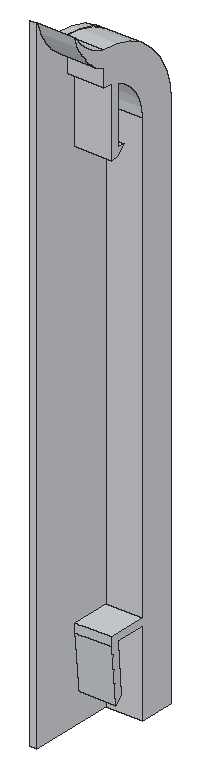
Revit family "HansWeitzel_2013", category Allgemeines Modell, Revit 2017
Family settings
  Basisbauteil = Wand
  Kann Basisbauteil für Bewehrung sein = Nein
  Bemaßung runder Anschluss = Durchmesser verwenden
  Teiletyp = Normal
  Immer vertikal = Ja
  Beim Laden mit Abzugskörper schneiden = Nein
  Gemeinsam genutzt = Nein
  Raumberechnungspunkt = Nein
Parameters
  max. Betriebstemperatur (°C) = 90
  Werkstoff = "Polystyrol"
  Wandmontage möglich = yes
  Typname = "HZ-Stoßverbinder BLF Ahorn"
  Tiefe (mm) = 30
  Profilart = "Anschlussprofi"
  Menge pro Verpackungseinheit = 10
  Ist Zubehör = no
  Ist System = no
  Höhe [mm] = 93
  Hersteller = "Hans Weitzel GmbH & Co. KG"
  HeinzeBIM = "https://www.heinze.de/bim/hz-stossverbinder-blf-ahorn/de2c1f6048a5017b6fa98aaafebb673dc0a6fc29"
  HAN = "2013"
  Gewicht unverpackt (netto) [kg] = 0.008
  GTIN = "4022023212716"
  Farbton = "Holzart/Holzdekor"
  Dekor = "Ahorn"
  Breite [mm] = 40
  Beschreibung = "HZ-Stoßverbinder BLF Ahorn Formteil an Sollbruchstelle einkürzen"
  BIMSITE_PRODUCT_ID = "de2c1f6048a5017b6fa98aaafebb673dc0a6fc29"
  BIM = "https://media.live.bim.site/t/eyJhbGciOiJIUzI1NiIsInR5cCI6IkpXVCJ9.eyJjdCI6MSwidGYiOiJwdWJsaWMvaGFucy13ZWl0emVsLWdtYmgtY28ta2cvMjI1MGEyZS9IWl9CTEZfU3Rvc3N2ZXJiaW5kZXJfQmxpbmRsLnJmYSIsImNpZCI6ImZlZDk4ZTlhLTFiZDgtNGM2OC1hNzNiLTc0YTk0ZTMxNTgyMyIsInJpZCI6IjAzYmI0OTU1OTVhZDRiYjY1OGE4ZjNhMTJlMDk0NmY0IiwicGlkIjoiZGUyYzFmNjA0OGE1MDE3YjZmYTk4YWFhZmViYjY3M2RjMGE2ZmMyOSIsInNpZCI6IjYzNTU4IiwidXQiOjUsImxjIjoiZGUiLCJpYXQiOjE1ODAyMDE3MTYsImlzcyI6Imh0dHBzOi8vYXBpLmxpdmUuYmltLnNpdGUiLCJzdWIiOiJmNTg2YzRiNi1hNTA4LTQyN2EtOTgxOC0xMzE3OTY2NTc2YmMifQ.JDSHmrugtIq38_1GZ8MGazqfXo1fOJfyUmOzUEOdAbQ/HZ_BLF_Stossverbinder_Blindl.rfa"
Reference planes
  plane 1: y = 0
  plane 2 "Center (Left/Right)": x = 0
  plane 3 "Wall Edge": y = 76.2
Text (mm)
  text "Placement Side" at (0, 1019.848, 3124.603), in view "Right"
  text "Placement Side" at (-1787.662, 723.012, 0), in view "Ref. Level"
  text "Placement Side" at (0, 2073.289, 3571.227), in view "Left"
Dimensions and locks
  locked: plane 3 "Wall Edge" to host wall
  aligned and locked: plane 3 "Wall Edge" to nested 1
Nested families
  nested 1: "HZ_BLF_Stossverbinder_Blindl" at (1, 76.2, 0), type "HZ_BLF_Stossverbinder_Blindl"
Definition of nested family "HZ_BLF_Stossverbinder_Blindl"
  Reference planes
    plane 1 "Center (Front/Back)": y = 0
    plane 2: z = 0
    plane 3 "Center (Left/Right)": x = 0
  Forms (mm)
    Extrusion 1, solid
      sketch origin (0, 0, 0) x (0, 1, 0) y (0, 0, 1)
        loop
          arc (16, 72) -> (12.727, 79.83) -> (4.854, 82.999) r 11
          arc (4.854, 82.999) -> (2.091, 84.316) -> (0, 86.553) r 8.222
          arc (0, 86.553) -> (1.757, 83.087) -> (4.851, 80.736) r 8.67
          line (4.851, 80.736) -> (4.851, 78.472)
          arc (4.851, 78.472) -> (5.499, 78.442) -> (6.14, 78.346) r 6.5
          line (6.14, 78.346) -> (6.14, 69.232) -> (7.064, 69.232) -> (8.141, 70.371) -> (7.148, 70.371) -> (7.148, 78.059)
          arc (7.148, 78.059) -> (10.208, 75.675) -> (11.366, 71.972) r 6.5
          line (11.366, 71.972) -> (11.366, 12.318) -> (6.13, 12.318) -> (6.13, 11.14) -> (6.85, 3.802) -> (7.723, 4.72) -> (7.157, 11.4) -> (11.366, 11.4) -> (11.366, 0) -> (16, 0) -> (16, 72)
      from 0 to 5
    Extrusion 2, solid
      sketch origin (-1, 0, 0) x (0, 1, 0) y (0, 0, 1)
        loop
          line (16, 0) -> (16, 72)
          arc (16, 72) -> (12.727, 79.83) -> (4.854, 82.999) r 11
          arc (4.854, 82.999) -> (2.091, 84.316) -> (0, 86.553) r 8.222
          line (0, 86.553) -> (0, 0) -> (16, 0)
      from 0 to 1
  Dimensions and locks
    aligned and locked: plane 2 to level
